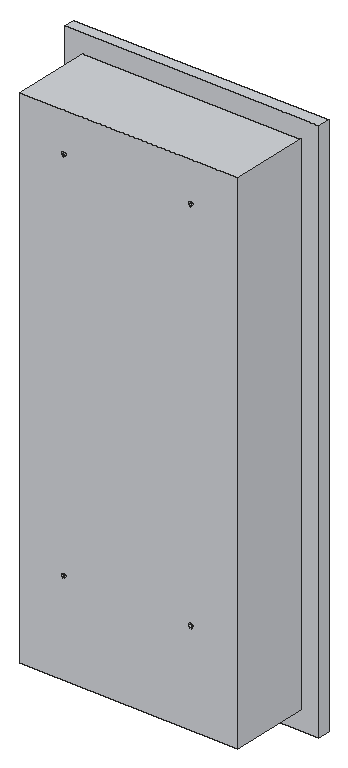
Revit family "AX8963E102_0003", category Appareils sanitaires, Revit 2016
Family settings
  Hôte = Mur
  Type d'élément = Normal
  Cote de connecteur circulaire = Utiliser le diamètre
  Numéro OmniClass = 23.75.00.00
  Titre OmniClass = Climate Control (HVAC)
  Toujours verticalement = Oui
  Couper avec des vides une fois chargée = Non
  Partagée = Non
  Point de calcul de pièce = Non
Parameters (values of type "Type 1")
  URL = "https://www.axeuro.com/fr/poubelles/25095-poubelle-murale-ax8963e102.html"
  Modèle = "AX8963E102"  # constant formula
  Matériaux = "En inox 304 (18/10) Bactériostatique"  # constant formula
  Finition = "Brossé Poli Satiné HyperPolish"  # constant formula
  Fabricant = "Axeuro"  # constant formula
  Description = "Poubelle murale"  # constant formula
Reference planes
  plane 1 "Mur": y = 0
  plane 2 "Centre (gauche/droite)": x = 0
  plane 3 "Arrière": y = 75
Forms (mm)
  Extrusion 1, solid
    sketch origin (-85, -99.031, 0) x (0, 1, 0) y (0, 0, 1)
      loop
        line (174.031, 1739.299) -> (174.031, 1028.291) -> (189.031, 1028.291) -> (189.031, 1739.299) -> (174.031, 1739.299)
    from -80 to 250
  Extrusion 2, void
    sketch origin (552.568, -24.031, 153.664) x (1, 0, 0) y (0, 0, 1)
      loop
        line (-434.68, 1545.635) -> (-670.457, 1545.635)
        arc (-670.457, 1545.635) -> (-675.486, 1543.552) -> (-677.568, 1538.524) r 7.111
        line (-677.568, 1538.524) -> (-677.568, 1432.747)
        arc (-677.568, 1432.747) -> (-675.486, 1427.718) -> (-670.457, 1425.635) r 7.111
        line (-670.457, 1425.635) -> (-434.68, 1425.635)
        arc (-434.68, 1425.635) -> (-429.651, 1427.718) -> (-427.568, 1432.747) r 7.111
        line (-427.568, 1432.747) -> (-427.568, 1538.524)
        arc (-427.568, 1538.524) -> (-429.651, 1543.552) -> (-434.68, 1545.635) r 7.111
    from -114.031 to -112.031
  Extrusion 3, solid
    sketch origin (0, -205, 0) x (1, 0, 0) y (0, 1, 0)
      loop
        line (-141, 280) -> (-141, 178) -> (141, 178) -> (141, 280) -> (-141, 280)
    from 1052.295 to 1715.295
  Extrusion 4, void
    sketch origin (0, -205, 16) x (1, 0, 0) y (0, 0, 1)
      loop
        circle (-83.996, 1647.698) r 3
    from -180 to -178
  Extrusion 5, void
    sketch origin (165, -205, 16) x (1, 0, 0) y (0, 0, 1)
      loop
        circle (-83.996, 1647.698) r 3
    from -180 to -178
  Extrusion 6, void
    sketch origin (0, -205, -474) x (1, 0, 0) y (0, 0, 1)
      loop
        circle (-83.996, 1647.698) r 3
    from -180 to -178
  Extrusion 7, void
    sketch origin (165, -205, -474) x (1, 0, 0) y (0, 0, 1)
      loop
        circle (-83.996, 1647.698) r 3
    from -180 to -178
  Extrusion 8, void
    sketch origin (0, 75, 0) x (1, 0, 0) y (0, 0, 1)
      loop
        line (139, 1713.295) -> (-139, 1713.295) -> (-139, 1054.295) -> (139, 1054.295) -> (139, 1713.295)
    from -13 to 100
  Extrusion 9, solid
    sketch origin (0, 75, 0) x (1, 0, 0) y (0, 0, 1)
      loop
        line (124.8, 1586.411) -> (124.8, 1692.188)
        arc (124.8, 1692.188) -> (122.776, 1697.075) -> (117.889, 1699.099) r 6.911
        line (117.889, 1699.099) -> (-117.889, 1699.099)
        arc (-117.889, 1699.099) -> (-122.776, 1697.075) -> (-124.8, 1692.188) r 6.911
        line (-124.8, 1692.188) -> (-124.8, 1586.411)
        arc (-124.8, 1586.411) -> (-122.776, 1581.523) -> (-117.889, 1579.499) r 6.911
        line (-117.889, 1579.499) -> (117.889, 1579.499)
        arc (117.889, 1579.499) -> (122.776, 1581.523) -> (124.8, 1586.411) r 6.911
    from -15 to -13
Cuts and joins
  Extrusion 2, Extrusion 8 cuts Extrusion 1
  Extrusion 4, Extrusion 5, Extrusion 6, Extrusion 7 cuts Extrusion 3
Text (mm)
  text "Côté de la mise en place" at (-1820.995, 1116.779, 0), in view "Niveau de réf."
  text "Côté de la mise en place" at (0, 1334.055, 2976.191), in view "Gauche"
  text "Côté de la mise en place" at (0, 439.194, 2944.362), in view "Droite"
Dimensions and locks
  locked: plane 3 "Arrière" to host wall
  aligned and locked: plane 1 "Mur" to host wall
